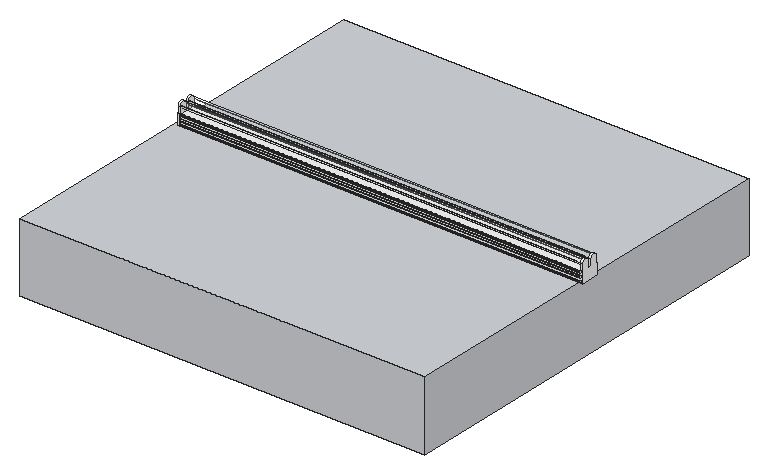
Revit family "K8", category Lighting Fixtures, host Face, Revit 2021
Family settings
  Host = Face
  Round Connector Dimension = Use Diameter
  Part Type = Normal
  OmniClass Number = 23.80.70.11
  OmniClass Title = Luminaries for Internal Lighting
  Cut with Voids When Loaded = No
  Light Source = Yes
  Shared = Yes
  Room Calculation Point = No
Parameters (values of type "K8-196")
  Wattage Comments = "134W"
  Wattage = 134 W
  built-in parameter 1150110 = 1 (stored number, unit not read)
  URL = "https://www.currentlighting.com/columbia"
  built-in parameter 1114217 = 1 (stored number, unit not read)
  Tilt Angle = -90.00°
  built-in parameter 1150109 = 1 (stored number, unit not read)
  built-in parameter 1150134 = 3
  built-in parameter 1150113 = 1 (stored number, unit not read)
  Product Page URL = ""
  Product Documentation Link = ""
  Photometric Web File = "11324.IES"
  built-in parameter 1150142 = (empty or 0)
  Model = "K8"  # constant formula
  Manufacturer = "Columbia Lighting"  # constant formula
  built-in parameter 1150105 = 3101 (stored number, unit not read)
  Lumens = 19904.6 lm
  built-in parameter 1150115 = 1 (stored number, unit not read)
  built-in parameter 1150137 = (empty or 0)
  built-in parameter 1150139 = (empty or 0)
  built-in parameter 1150112 = 1 (stored number, unit not read)
  built-in parameter 1150114 = 1 (stored number, unit not read)
  Lamp = "1"
  built-in parameter 1150132 = (empty or 0)
  built-in parameter 1150102 = (empty or 0)
  built-in parameter 1150107 = 3200 (stored number, unit not read)
  built-in parameter 1150138 = (empty or 0)
  built-in parameter 1150106 = 31.01 (stored number, unit not read)
  Glass = Glass
  Emit from Line Length = 44.000"
  built-in parameter 1150104 = 13.8 (stored number, unit not read)
  Dimming Lamp Color Temperature Shift = <None>
  Description = "Heavy Duty Channel / 1 or 2-Lamp T8"  # constant formula
  Default Elevation = 48.000"
  Color Filter = 16777215
  built-in parameter 1114218 = 1 (stored number, unit not read)
  Ballast Factor = ".95"
  Backbox = White
  built-in parameter 1150133 = 10 (stored number, unit not read)
Types (5): name | Photometric Web File
  K8-196 | "11324.IES"
  K8-196HO | "8971.IES"
  K8-196VH0 | "11326.IES"
  K8-296 | "11325.IES"
  K8-296HO | "8973.IES"
Reference planes (in)
  plane 1 "Center (Front/Back)": y = 0.03999
  plane 2: z = 0.12923
  plane 3 "Center (Left/Right)": x = 23.57354
  plane 4: y = 2.13374
  plane 5: y = -2.05376
  plane 6: x = -24.42646
  plane 7: x = 71.57354
  plane 8: x = -23.92646
  plane 9: x = 71.07354
  plane 10: z = 4.75
  plane 11: z = 4.12923
  plane 12: z = 2.62923
  plane 13: y = -1.18501
Forms (in)
  Extrusion 1, solid
    sketch origin (22.88293, 0, 1.39033) x (1, 0, 0) y (0, 1, 0)
      loop
        line (-48, 48) -> (-48, -48) -> (48, -48) -> (48, 48) -> (-48, 48)
    from -1.2611 to -17.74365
  Extrusion 2, solid, material "White" <- "Backbox"
    sketch origin (23.57354, 0, 0) x (0, 1, 0) y (0, 0, 1)
      loop
        line (0.03999, 0) -> (2.13374, 0) -> (2.35092, 0.39179) -> (2.13374, 0.51217) -> (2.13374, 1.01217) -> (2.23203, 1.11047) -> (2.23203, 1.55736) -> (2.13374, 1.65565) -> (2.13374, 2.2252) -> (2.30943, 2.34822) -> (2.27643, 2.53539) -> (2.10053, 2.53539) -> (2.0067, 2.62923) -> (0.03999, 2.62923) -> (-1.92672, 2.62923) -> (-2.02055, 2.53539) -> (-2.19645, 2.53539) -> (-2.22945, 2.34822) -> (-2.05376, 2.2252) -> (-2.05376, 1.65565) -> (-2.15205, 1.55736) -> (-2.15205, 1.11047) -> (-2.05376, 1.01217) -> (-2.05376, 0.51217) -> (-2.27093, 0.39179) -> (-2.05376, 0) -> (0.03999, 0)
    from -47.5 to 47.5
  Extrusion 3, solid, material "White" <- "Backbox"
    sketch origin (23.57354, 0, 0) x (0, 1, 0) y (0, 0, 1)
      loop
        line (2.0067, 2.62923) -> (2.0067, 4.12923)
        arc (2.0067, 4.12923) -> (1.2567, 4.87923) -> (0.5067, 4.12923) r 0.75
        line (0.5067, 4.12923) -> (0.5067, 2.62923) -> (2.0067, 2.62923)
    from 47.5 to 48
  Extrusion 4, solid, material "White" <- "Backbox"
    sketch origin (23.57354, 0, 0) x (0, 1, 0) y (0, 0, 1)
      loop
        arc (-0.42672, 4.12923) -> (-1.17672, 4.87923) -> (-1.92672, 4.12923) r 0.75
        line (-1.92672, 4.12923) -> (-1.92672, 2.62923) -> (-0.42672, 2.62923) -> (-0.42672, 4.12923)
    from 47.5 to 48
  Extrusion 5, solid, material "White" <- "Backbox"
    sketch origin (23.57354, 0, 0) x (0, 1, 0) y (0, 0, 1)
      loop
        line (0.5067, 4.12923) -> (0.5067, 2.62923) -> (2.0067, 2.62923) -> (2.0067, 4.12923)
        arc (2.0067, 4.12923) -> (1.2567, 4.87923) -> (0.5067, 4.12923) r 0.75
      loop
        line (-1.92672, 4.12923) -> (-1.92672, 2.62923) -> (-0.42672, 2.62923) -> (-0.42672, 4.12923)
        arc (-0.42672, 4.12923) -> (-1.17672, 4.87923) -> (-1.92672, 4.12923) r 0.75
    from -48 to -47.5
  Extrusion 6, solid, material "White" <- "Backbox"
    sketch origin (23.57354, 0, 0) x (0, 1, 0) y (0, 0, 1)
      loop
        line (2.13374, 2.62923) -> (-2.05376, 2.62923) -> (-2.05376, 0) -> (2.13374, 0) -> (2.13374, 2.62923)
    from 47.5 to 48
  Extrusion 7, solid, material "White" <- "Backbox"
    sketch origin (23.57354, 0, 0) x (0, 1, 0) y (0, 0, 1)
      loop
        line (-2.05376, 2.62923) -> (-2.05376, 0) -> (2.13374, 0) -> (2.13374, 2.62923) -> (-2.05376, 2.62923)
    from -48 to -47.5
  Extrusion 8, solid, material "Glass" <- "Glass"
    sketch origin (23.57354, 0, 0) x (0, 1, 0) y (0, 0, 1)
      loop
        circle (1.2567, 4.12923) r 0.7
      loop
        circle (-1.17672, 4.12923) r 0.7
    from -47.5 to 47.5
Cuts and joins
  joined: Extrusion 2, Extrusion 3, Extrusion 4, Extrusion 5, Extrusion 6, Extrusion 7
Dimensions and locks (in)
  equal spacing: plane 4, plane 1 "Center (Front/Back)", plane 5
  locked: plane 4 to plane 5 at 4.1875
  equal spacing: plane 7, plane 3 "Center (Left/Right)", plane 6
  locked: plane 7 to plane 6 at 96
  locked: plane 8 to plane 6 at 0.5
  locked: plane 9 to plane 7 at 0.5
  locked: plane 10 to level at 4.75
  locked: plane 11 to Extrusion 1 at 4
  locked: plane 12 to Extrusion 1 at 2.5
  locked: plane 1 "Center (Front/Back)" to plane 13 at 1.225
  aligned and locked: Extrusion 1 to plane 2
  aligned and locked: Extrusion 5 to plane 6
  aligned and locked: plane 8 to Extrusion 5
  aligned and locked: Extrusion 4 to plane 7
  aligned and locked: plane 9 to Extrusion 4
  aligned and locked: Extrusion 3 to plane 7
  aligned and locked: plane 9 to Extrusion 3
  aligned and locked: Extrusion 2 to plane 8
  aligned and locked: Extrusion 2 to plane 9
  aligned and locked: Extrusion 6 to plane 7
  aligned and locked: plane 9 to Extrusion 6
  aligned and locked: Extrusion 7 to plane 6
  aligned and locked: plane 8 to Extrusion 7
  aligned and locked: Extrusion 8 to plane 8
  aligned and locked: Extrusion 8 to plane 9
  aligned and locked: plane 11 to imposter light
  aligned and locked: plane 3 "Center (Left/Right)" to imposter light
  aligned and locked: imposter light to plane 1 "Center (Front/Back)"
Automatic sketch dimensions
  Extrusion 1 sketch curve to Extrusion 1 sketch curve = 96.000"  (x2)
  Extrusion 2 sketch curve to plane 5 = 0.000"  (x3)
  Extrusion 2 sketch curve to level = 0.000"
  Extrusion 2 sketch curve to plane 12 = 0.000"
  Extrusion 2 sketch curve to plane 1 "Center (Front/Back)" = 0.000"  (x2)
  Extrusion 2 sketch curve to plane 4 = 0.000"  (x3)
  Extrusion 2 sketch curve to plane 5 = 0.09829"
  Extrusion 2 sketch curve to plane 5 = 0.14269"
  Extrusion 2 sketch curve to plane 5 = 0.17569"
  Extrusion 2 sketch curve to plane 5 = 0.21717"
  plane 5 to Extrusion 2 sketch curve = 0.03321"
  plane 5 to Extrusion 2 sketch curve = 0.12704"
  plane 4 to Extrusion 2 sketch curve = 0.12704"
  plane 4 to Extrusion 2 sketch curve = 0.03321"
  Extrusion 2 sketch curve to plane 4 = 0.09829"
  Extrusion 2 sketch curve to plane 4 = 0.14269"
  Extrusion 2 sketch curve to plane 4 = 0.17569"
  Extrusion 2 sketch curve to plane 4 = 0.21717"
  level to Extrusion 2 sketch curve = 0.39179"  (x2)
  Extrusion 2 sketch curve to Extrusion 2 sketch curve = 0.500"  (x2)
  Extrusion 2 sketch curve to Extrusion 2 sketch curve = 0.09829"  (x4)
  Extrusion 2 sketch curve to Extrusion 2 sketch curve = 0.44689"  (x2)
  Extrusion 2 sketch curve to plane 12 = 0.40402"  (x2)
  Extrusion 2 sketch curve to Extrusion 2 sketch curve = 0.12302"  (x2)
  Extrusion 2 sketch curve to plane 12 = 0.09383"  (x2)
  Extrusion 3 sketch curve to plane 11 = 0.000"
  Extrusion 3 sketch curve to plane 12 = 0.000"
  Extrusion 3 sketch curve to plane 1 "Center (Front/Back)" = 0.46671"
  Extrusion 3 sketch curve to Extrusion 3 sketch curve = 0.750"
  Extrusion 4 sketch curve to plane 11 = 0.000"
  Extrusion 4 sketch curve to plane 12 = 0.000"
  plane 5 to Extrusion 4 sketch curve = 0.12704"
  Extrusion 4 sketch curve to Extrusion 4 sketch curve = 0.750"
  Extrusion 5 sketch curve to plane 11 = 0.000"  (x2)
  Extrusion 5 sketch curve to plane 12 = 0.000"  (x2)
  Extrusion 5 sketch curve to plane 1 "Center (Front/Back)" = 0.46671"
  Extrusion 5 sketch curve to Extrusion 5 sketch curve = 0.750"  (x2)
  plane 1 "Center (Front/Back)" to Extrusion 5 sketch curve = 0.46671"
  Extrusion 6 sketch curve to plane 5 = 0.000"
  Extrusion 6 sketch curve to level = 0.000"
  Extrusion 6 sketch curve to plane 4 = 0.000"
  Extrusion 6 sketch curve to plane 12 = 0.000"
  Extrusion 7 sketch curve to plane 5 = 0.000"
  Extrusion 7 sketch curve to level = 0.000"
  Extrusion 7 sketch curve to plane 4 = 0.000"
  Extrusion 7 sketch curve to plane 12 = 0.000"
  Extrusion 8 sketch curve to Extrusion 8 sketch curve = 0.000"  (x4)
  Extrusion 8 sketch curve to plane 11 = 0.000"  (x2)
  plane 5 to Extrusion 8 sketch curve = 0.17704"
  Extrusion 8 sketch curve to Extrusion 8 sketch curve = 0.700"  (x2)
  Extrusion 8 sketch curve to plane 1 "Center (Front/Back)" = 0.51671"
Connectors (in)
  electrical at (23.57354, 0.03999, 0), driven by "Description"
    settings: on cut or joined group of Extrusion 2, Extrusion 3, Extrusion 4, Extrusion 5, Extrusion 6, Extrusion 7, index 1, voltage 0 V, apparent load 0 VA, apparent load phase1 0 VA, apparent load phase2 0 VA, apparent load phase3 0 VA, power factor 1, load classification "Other", number of poles 1, system type 30, power factor state 1, is connector primary yes, connector utility no, sub classification motor no, connector description "Heavy Duty Channel / 1 or 2-Lamp T8"
